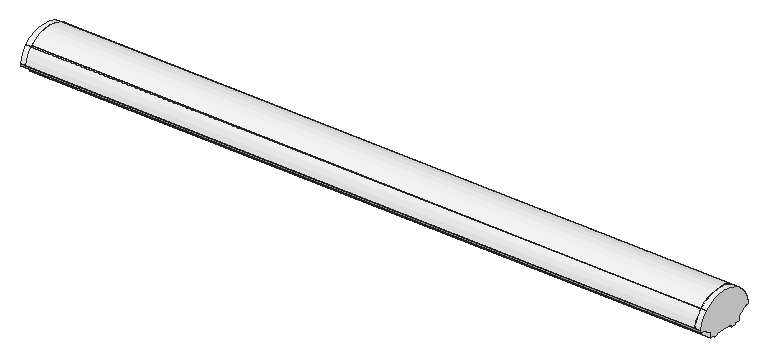
Revit family "RLB8", category Lighting Fixtures, host Face, Revit 2021
Family settings
  Host = Face
  Round Connector Dimension = Use Diameter
  Part Type = Normal
  OmniClass Number = 23.80.70.11.14.17
  OmniClass Title = Direct/Indirect
  Cut with Voids When Loaded = No
  Light Source = Yes
  Shared = Yes
  Room Calculation Point = No
Parameters (values of type "RLB8-30LM")
  Width 1 = 5.000"
  Width = 8.400"
  Watts = 95 W
  Wattage Comments = "Variable Intensity technology provides specifiable lumen output/wattage"
  Wattage = 95 W
  Warranty = "5 years Warranty"  # constant formula
  built-in parameter 1150110 = 1 (stored number, unit not read)
  Voltage = 120 V
  URL = "https://www.currentlighting.com/columbia"
  built-in parameter 1114217 = 1 (stored number, unit not read)
  Tilt Angle = -90.00°
  built-in parameter 1150109 = 1 (stored number, unit not read)
  built-in parameter 1150134 = (empty or 0)
  built-in parameter 1150113 = 1 (stored number, unit not read)
  Reflector Finish = White Glass
  Product Page URL = ""
  Product Doucmentation Link = ""
  Power Factor = 1
  Photometric Web File = "RLB8-30LM-FAA-EDU.ies"
  Photometric Note = "For more ies file please find the above Photometric Web Link"
  Model = "RLB8"
  Manufacturer = "Columbia Lighting"  # constant formula
  built-in parameter 1150105 = 907.18 (stored number, unit not read)
  Lumens = 11400 lm
  built-in parameter 1150115 = 1 (stored number, unit not read)
  Load Classification = Lighting
  built-in parameter 1150137 = (empty or 0)
  built-in parameter 1150139 = (empty or 0)
  Length = 96.000"
  built-in parameter 1150112 = 1 (stored number, unit not read)
  built-in parameter 1150114 = 1 (stored number, unit not read)
  Lamp = "LED"  # constant formula
  built-in parameter 1150132 = (empty or 0)
  built-in parameter 1150102 = (empty or 0)
  built-in parameter 1150107 = 3500 (stored number, unit not read)
  built-in parameter 1150138 = (empty or 0)
  built-in parameter 1150106 = 9.0718 (stored number, unit not read)
  Housing Material = Paint - Matte White
  Features = "Optional photometric distributions\r\n• Available in 4' and 8'\r\n• Optional integral emergency battery pack\r\n• Uninterrupted ribbon of light for single or row mount applications\r\n• Optional SpectraSync™ offers two modes of tunable white solutions and integrates seamlessly into a\r\nvariety of control systems\r\n• NX Distributed Intelligence™ provides options for standalone and networked integrated sensor with wired\r\nor wireless connectivity for NX system deployments\r\n• Five year warranty"  # constant formula
  Emit from Rectangle Width = 5.000"  # constant formula
  Emit from Rectangle Length = Length - 1.000"  # 95.000"
  Emit Shape Visible in Rendering = no
  built-in parameter 1150104 = 11.148 (stored number, unit not read)
  Dimming Protocol = "0-10V,Step Dimming,Dim-to-Dark"  # constant formula
  Dimming Lamp Color Temperature Shift = <None>
  Description = "Reverie™ Decorative Low Bay"  # constant formula
  Default Elevation = 48.000"
  Copyright = "©  Columbia Lighting"  # constant formula
  Contact = ""
  Connector Description = "Lighting Connector"  # constant formula
  Color Filter = 16777215
  built-in parameter 1114216 [instance] = 1 (stored number, unit not read)
  Certifications = "All luminaires are built to UL 1598 standards, and bear\r\nappropriate ETL damp location labels."  # constant formula
  built-in parameter 1114218 = 1 (stored number, unit not read)
  built-in parameter 1150133 = 10 (stored number, unit not read)
  Assembly Code = "D5020200"
  Application = "Automotive,Education,Offices,Retail,Government"  # constant formula
  Apparent Load = Watts / Power Factor  # 95 VA
Reference planes (in)
  plane 1 "Center (Front/Back)": y = 0
  plane 2: z = 0
  plane 3 "Center (Left/Right)": x = 0
  plane 4: x = -48
  plane 5: x = 48
  plane 6: y = -4.2
  plane 7: y = 4.2
  plane 8: x = 47.25
  plane 9: x = -47.25
  plane 10: z = 5.1
  plane 11: y = 2.5
  plane 12: y = -2.5
Forms (in)
  Extrusion 1, solid, material "Paint - Matte White" <- "Housing Material"
    sketch origin (0, 0, 0) x (0, 1, 0) y (0, 0, 1)
      loop
        line (2.5, 0.84912) -> (3.80412, 1.65153)
        arc (3.80412, 1.65153) -> (3.88065, 1.56665) -> (3.98239, 1.51459) r 0.31557
        arc (3.98239, 1.51459) -> (4.15896, 1.65578) -> (4.23125, 1.86999) r 0.40151
        arc (4.23125, 1.86999) -> (3.63388, 3.28512) -> (2.55882, 4.38224) r 4.11153
        arc (2.55882, 4.38224) -> (-0.381, 5.08033) -> (-3.14369, 3.85662) r 4.73066
        arc (-3.14369, 3.85662) -> (-3.81038, 2.93697) -> (-4.2, 1.86999) r 4.11153
        arc (-4.2, 1.86999) -> (-4.12771, 1.65578) -> (-3.95114, 1.51459) r 0.40151
        arc (-3.95114, 1.51459) -> (-3.8388, 1.57516) -> (-3.75963, 1.67528) r 0.31557
        line (-3.75963, 1.67528) -> (-2.44388, 0.7878) -> (-2.44388, 0.23492) -> (-1.9045, 0.23492) -> (-1.74, 0) -> (-1.24, 0) -> (-1.1545, 0.23492) -> (1.15722, 0.23492) -> (1.24273, 0) -> (1.78334, 0) -> (1.89764, 0.19797) -> (2.5, 0.19797) -> (2.5, 0.84912)
    from -48 to 48
  Extrusion 2, solid, material "White Glass" <- "Reflector Finish"
    sketch origin (0, 0, 0) x (0, 1, 0) y (0, 0, 1)
      loop
        arc (2.55882, 4.44474) -> (-0.381, 5.14283) -> (-3.14369, 3.91912) r 4.73066
        arc (-3.14369, 3.91912) -> (-3.84143, 2.93992) -> (-4.22605, 1.80073) r 4.11153
        line (-4.22605, 1.80073) -> (-4.13947, 1.71414)
        arc (-4.13947, 1.71414) -> (-3.76882, 2.86186) -> (-3.07379, 3.84754) r 4.01153
        arc (-3.07379, 3.84754) -> (-0.37149, 5.04328) -> (2.50376, 4.36123) r 4.63066
        arc (2.50376, 4.36123) -> (3.59864, 3.21835) -> (4.16626, 1.74094) r 4.01153
        line (4.16626, 1.74094) -> (4.25244, 1.82712)
        arc (4.25244, 1.82712) -> (3.66337, 3.30269) -> (2.55882, 4.44474) r 4.11153
    from -47.25 to 47.25
Dimensions and locks (in)
  "Length": plane 4 to plane 5
  "Width": plane 6 to plane 7
  plane 7 to plane 6 = 8.400"
  locked: plane 8 to plane 5 at 0.75
  locked: plane 4 to plane 9 at 0.75
  equal spacing: plane 4, plane 3 "Center (Left/Right)", plane 5
  equal spacing: plane 6, plane 1 "Center (Front/Back)", plane 7
  equal spacing: plane 12, plane 1 "Center (Front/Back)", plane 11
  "Width 1": plane 12 to plane 11
  plane 10 to plane 2 = 5.100"
  aligned and locked: plane 2 to host face
  aligned and locked: level to host face
  aligned and locked: plane 3 "Center (Left/Right)" to imposter light
  aligned and locked: imposter light to plane 1 "Center (Front/Back)"
  aligned and locked: plane 10 to imposter light
  aligned and locked: Extrusion 1 to plane 4
  aligned and locked: plane 5 to Extrusion 1
  aligned and locked: plane 8 to Extrusion 2
  aligned and locked: Extrusion 2 to plane 9
Automatic sketch dimensions
  host sketch curve to host sketch curve = 96.000"  (x2)
  Extrusion 1 sketch curve to plane 6 = 0.000"
  Extrusion 1 sketch curve to level = 0.000"  (x2)
  Extrusion 1 sketch curve to plane 11 = 0.000"
  Extrusion 1 sketch curve to plane 6 = 0.15836"
  Extrusion 1 sketch curve to Extrusion 1 sketch curve = 0.24283"
  Extrusion 1 sketch curve to Extrusion 1 sketch curve = 0.03918"
  Extrusion 1 sketch curve to plane 12 = 0.05612"
  Extrusion 1 sketch curve to Extrusion 1 sketch curve = 0.70388"
  Extrusion 1 sketch curve to Extrusion 1 sketch curve = 0.500"
  Extrusion 1 sketch curve to Extrusion 1 sketch curve = 0.08551"  (x2)
  plane 1 "Center (Front/Back)" to Extrusion 1 sketch curve = 0.18012"
  Extrusion 1 sketch curve to plane 1 "Center (Front/Back)" = 0.0532"
  Extrusion 1 sketch curve to plane 1 "Center (Front/Back)" = 0.21137"
  level to Extrusion 1 sketch curve = 0.23492"  (x2)
  Extrusion 1 sketch curve to Extrusion 1 sketch curve = 1.10403"
  Extrusion 1 sketch curve to Extrusion 1 sketch curve = 0.54061"
  level to Extrusion 1 sketch curve = 0.19797"
  Extrusion 1 sketch curve to Extrusion 1 sketch curve = 0.1143"
  plane 7 to Extrusion 1 sketch curve = 0.39588"
  Extrusion 1 sketch curve to Extrusion 1 sketch curve = 0.02594"
  plane 7 to Extrusion 1 sketch curve = 0.12711"
  level to Extrusion 1 sketch curve = 0.36964"
  level to Extrusion 1 sketch curve = 0.7878"
  Extrusion 1 sketch curve to Extrusion 1 sketch curve = 0.65115"
  Extrusion 1 sketch curve to Extrusion 1 sketch curve = 0.63708"
  Extrusion 1 sketch curve to Extrusion 1 sketch curve = 0.000"
  Extrusion 1 sketch curve to Extrusion 1 sketch curve = 0.80241"
  Extrusion 1 sketch curve to Extrusion 1 sketch curve = 0.88749"
  Extrusion 1 sketch curve to Extrusion 1 sketch curve = 0.14162"
  Extrusion 1 sketch curve to Extrusion 1 sketch curve = 0.16537"
  Extrusion 1 sketch curve to Extrusion 1 sketch curve = 0.2108"
  Extrusion 1 sketch curve to Extrusion 1 sketch curve = 0.23455"
  Extrusion 1 sketch curve to Extrusion 1 sketch curve = 0.19151"
  plane 12 to Extrusion 1 sketch curve = 0.64369"
  Extrusion 1 sketch curve to Extrusion 1 sketch curve = 0.16449"
  Extrusion 1 sketch curve to plane 11 = 0.05882"
  plane 7 to Extrusion 1 sketch curve = 0.21761"
  Extrusion 2 sketch curve to Extrusion 2 sketch curve = 0.000"  (x7)
  plane 1 "Center (Front/Back)" to Extrusion 2 sketch curve = 0.18012"
  Extrusion 2 sketch curve to plane 1 "Center (Front/Back)" = 0.0532"
  Extrusion 2 sketch curve to plane 1 "Center (Front/Back)" = 0.21137"
  plane 7 to Extrusion 2 sketch curve = 0.03374"
  Extrusion 2 sketch curve to Extrusion 2 sketch curve = 0.08618"  (x2)
  level to Extrusion 2 sketch curve = 0.43214"
  Extrusion 2 sketch curve to Extrusion 2 sketch curve = 0.63708"
  plane 6 to Extrusion 2 sketch curve = 0.02605"
  Extrusion 2 sketch curve to Extrusion 2 sketch curve = 0.08658"  (x2)
  plane 12 to Extrusion 2 sketch curve = 0.64369"
  Extrusion 2 sketch curve to Extrusion 2 sketch curve = 0.0699"
  Extrusion 2 sketch curve to plane 11 = 0.00376"
  Extrusion 2 sketch curve to plane 11 = 0.05882"
Connectors (in)
  electrical at (0, -1.49, 0), driven by "Connector Description", driven by "Load Classification", driven by "Voltage", driven by "Apparent Load"
    settings: on Extrusion 1, index 1, voltage 120 V, apparent load 95 VA, apparent load phase1 0 VA, apparent load phase2 0 VA, apparent load phase3 0 VA, power factor 1, load classification "Lighting", number of poles 1, system type 30, power factor state 1, is connector primary yes, connector utility no, sub classification motor no, connector description "Lighting Connector"
